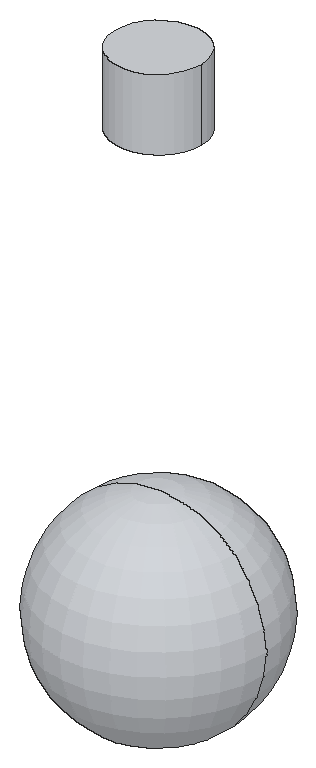
Revit family "GIOGALI-Celling-CA3", category Lighting Fixtures, host Ceiling, Revit 2020
Family settings
  Host = Ceiling
  Round Connector Dimension = Use Diameter
  Part Type = Normal
  OmniClass Number = 23.80.70.11
  OmniClass Title = Luminaries for Internal Lighting
  Always vertical = Yes
  Cut with Voids When Loaded = No
  Light Source = No
  Shared = No
  Room Calculation Point = No
Parameters (values of type "GIOGALI PL CA3")
  World Region [instance] = yes
  Width = 80 mm
  Voltage Control [instance] = if(World Region, 240 VA, 110 VA)  # 240 VA
  Voltage [instance] = if(World Region, 240 V, 110 V)  # 240 V
  USA and Canada market contacts = "ip@vistosi.it, +39.344.180.73.87"
  USA Region [instance] = not(World Region)  # no
  URL Product Page = "https://vistosi.it/glass-lamps-products/gioga-pl/?lang=en&sku=GIOGAPLCA3000BR-CRAGE271CE"
  URL = "https://vistosi.com"
  Type Comments = "Angelo Mangiarotti"
  Region [instance] = if(World Region, "Europe", "USA")  # "Europe"
  Product data url = ""
  Model = "GIOGALI"
  Material Bulb [instance] = none
  Manufacturer country = "Italy"
  Manufacturer = "Vistosi"
  Light Source [instance] = Bulb : 2700 K 13 W 37 V 2000 lm DIM2 Phase Cut
  Glass finish_type1 [instance] = none
  Frequency [instance] = if(World Region, 50 Hz, 60 Hz)  # 50 Hz
  Frame finish [instance] = none
  Diameter Bulb = 15 mm
  Designer = "Angelo Mangiarotti"
  Description = "CEILING LAMP"
  Depth = 0 mm
  Default Elevation = 0 mm
  Contact = "T. +39 041 5903480 Email: vistosi@vistosi.it"
  BIMobject category = ""
Reference planes
  plane 1 "Light Source Axis (F/B)": y = 0
  plane 2 "Ceiling": z = 2438.4
  plane 3 "Light Source Axis (L/R)": x = 0
  plane 4 "Light Source Elevation": z = 2438.4
Forms (mm)
  Extrusion 1, solid
    sketch origin (0, 0, 2342.332) x (-1, 0, 0) y (0, -1, 0)
      loop
        circle (0, 0) r 6
    from 86.068 to 96.068
  Revolve 2, solid, material <- "Glass finish_type1", detail levels coarse
    sketch origin (0, 0, 0) x (1, 0, 0) y (0, 0, 1)
      loop
        line (-400, 2438.4) -> (-400, 1816.117) -> (-300, 1816.117) -> (-300, 1336.564) -> (-200, 1336.564) -> (-200, 834.273) -> (0, 834.273) -> (0, 2438.4) -> (-400, 2438.4)
      axis (0, 2438.4) -> (0, 834.273)
    angle from 0 to 360
Text (mm)
  text "0 Tilt Angle" at (-1482.244, 236.007, 2133.6), in view "Ref. Level"
  text "180 Tilt Angle" at (653.058, 236.007, 2133.6), in view "Ref. Level"
Dimensions and locks
  equal spacing: host sketch curve, plane 3 "Light Source Axis (L/R)", host sketch curve
  equal spacing: host sketch curve, plane 1 "Light Source Axis (F/B)", host sketch curve
  host sketch curve to host sketch curve = 3048 mm  (x2)
  locked: plane 2 "Ceiling" to nested 1 at 70
  aligned and locked: plane 4 "Light Source Elevation" to plane 2 "Ceiling"
  aligned and locked: plane 2 "Ceiling" to Extrusion 1
Nested families
  nested 1: "Bulb" at (0, 0, 868.4), type <- "Light Source", Diameter bulb <- "Diameter Bulb", Material <- "Material Bulb", type "2700 K 13 W 37 V 2000 lm DIM2 Phase Cut"
  nested 2: "GIOGALI Lampshade" at (0, 0, 2438.4), Material Frame <- "Frame finish", Material Glass <- "Glass finish_type1", type "GIOGALI Lampshade", detail levels medium+fine
    with Material Glass none, Material Frame none
Connectors
  electrical at (0, 0, 2438.4), driven by "Voltage", driven by "Voltage Control"
    settings: on Extrusion 1, index 1, voltage 240 V, apparent load 0 VA, apparent load phase1 240 VA, apparent load phase2 0 VA, apparent load phase3 0 VA, power factor 1, load classification "Other", number of poles 1, system type 31, power factor state 1, is connector primary yes, connector utility no, sub classification motor no, connector description ""
Definition of nested family "Bulb"
  Parameters (values of type "3000 K 13 W 37 V 2000 lm DIM3 0-10V, Push")
    Wattage = 13.4642 W
    built-in parameter 1150110 = 1 (stored number, unit not read)
    USA and Canada market contacts = ""
    built-in parameter 1114217 = 1 (stored number, unit not read)
    built-in parameter 1150109 = 1 (stored number, unit not read)
    built-in parameter 1150134 = (empty or 0)
    built-in parameter 1150113 = 1 (stored number, unit not read)
    Material [instance] = none
    Diameter bulb [instance] = 15 mm
    Lumens = 2000 lm
    built-in parameter 1150115 = 1 (stored number, unit not read)
    built-in parameter 1150105 = 159.15 (stored number, unit not read)
    Light Source Symbol Size = 30 mm
    built-in parameter 1150137 = (empty or 0)
    built-in parameter 1150139 = (empty or 0)
    built-in parameter 1150112 = 1 (stored number, unit not read)
    built-in parameter 1150114 = 1 (stored number, unit not read)
    built-in parameter 1150132 = 2
    built-in parameter 1150102 = (empty or 0)
    built-in parameter 1150138 = (empty or 0)
    built-in parameter 1150107 = 3000 (stored number, unit not read)
    built-in parameter 1150106 = 1.5915 (stored number, unit not read)
    built-in parameter 1150104 = 13.8 (stored number, unit not read)
    Dimming Lamp Color Temperature Shift = (empty or 0)
    Default Elevation = 1219.2 mm
    Color Filter = 16777215
    built-in parameter 1114218 = 1 (stored number, unit not read)
    built-in parameter 1150133 = 10 (stored number, unit not read)
  Types (4, lengths in mm): name | built-in parameter 1150107
    2700 K 13 W 37 V 2000 lm DIM2 Phase Cut | 2700 (stored number, unit not read)
    2700 K 13 W 37 V 2000 lm DIM3 0-10V, Push | 2700 (stored number, unit not read)
    3000 K 13 W 37 V 2000 lm DIM2 Phase Cut | 3000 (stored number, unit not read)
    3000 K 13 W 37 V 2000 lm DIM3 0-10V, Push | 3000 (stored number, unit not read)
  Reference planes
    plane 1 "Light Source Axis (F/B)": y = 0
    plane 2: z = 0
    plane 3 "Light Source Axis (L/R)": x = 0
    plane 4 "Light Source Elevation": z = 1500
  Forms (mm)
    Revolve 1, solid, material <- "Material"
      sketch origin (0, 0, 0) x (1, 0, 0) y (0, 0, 1)
        loop
          arc (0, 1515) -> (-15, 1500) -> (0, 1485) r 15
          line (0, 1485) -> (0, 1515)
        axis (0, 1515) -> (0, 1485)
      angle from 0 to 360
  Dimensions and locks
    "Diameter bulb": radius of Revolve 1 sketch curve
    aligned and locked: plane 3 "Light Source Axis (L/R)" to imposter light
    aligned and locked: plane 1 "Light Source Axis (F/B)" to imposter light
    aligned and locked: plane 4 "Light Source Elevation" to imposter light
    aligned and locked: level to plane 2
  Automatic sketch dimensions
    Revolve 1 sketch curve to plane 3 "Light Source Axis (L/R)" = 0 mm  (x2)
    Revolve 1 sketch curve to plane 4 "Light Source Elevation" = 0 mm
    Revolve 1 sketch curve to Revolve 1 sketch curve = 5 mm  (x2)
Definition of nested family "GIOGALI Lampshade"
  Parameters (values of type "GIOGALI PL CA3")
    Material Glass [instance] = none
    Material Frame [instance] = none
    Default Elevation = 1219.2 mm
  Reference planes
    plane 1 "Light Source Axis (F/B)": y = 0
    plane 2: z = 0
    plane 3 "Light Source Axis (L/R)": x = 0
    plane 4 "Light Source Elevation": z = 1500
  Dimensions and locks
    aligned and locked: level to plane 2
